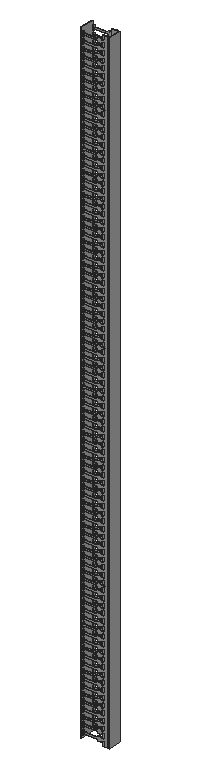
Revit family "ITK by ZPAS_Кабель-органайзер вертикальный_42U-47U", category Обобщенные модели, Revit 2019
Family settings
  Может служить основой для арматурных стержней = Нет
  Размер круглого соединителя = Использовать диаметр
  Тип детали = Нормальный
  На основе рабочей плоскости = Нет
  Всегда вертикально = Да
  При загрузке вырезать с полостями = Нет
  Общий = Нет
  Точка расчета площади = Нет
Parameters (values of type "В2066,9_Черный")
  Ширина = 80 mm
  Степень защиты = ""
  Материал = Окраска - RAL 9005
  Изготовитель = "ITK"  # constant formula
  Дата изменения = ""
  Глубина = 44 mm
  Высота = 2066.9 mm
  Тип монтажа = ""
  URL = "https://www.iek.ru/"
  KSI_CPr_Строительные изделия = "61.1.04.08"  # constant formula
  KSI_CMa_Строительные материалы = "10.03.02.06"  # constant formula
  IEK_Цена за единицу = 16900.26
  IEK_Поиск в таблице имен = ""
  IEK_Описание = "Крепится без инструментов к 19-дюймовым монтажным профилям."
  IEK_URL = "https://www.itk-group.ru/produktsiya/catalog/oborudovanie_telekommunikatsionnoe/kompleksnye_resheniya_dlya_tsod/shkafy_i_aksessuary_dlya_tsod/komplektuyushchie_i_aksessuary_dlya_shkafov_itk_by_zpas/kabelnye_organizatory_itk_by_zpas/itk_by_zpas_kabel_organayzer_vertikalnyy_47u_800_chernyy"
  ADSK_Примечание = ""
  ADSK_Позиция [instance] = ""
  ADSK_Наименование = "ITK by ZPAS Кабель-органайзер вертикальный 47U 800 черный"
  ADSK_Материал обозначение = ""
  ADSK_Материал наименование = "Листовая сталь"  # constant formula
  ADSK_Масса = 7
  ADSK_Марка = "by ZPAS"  # constant formula
  ADSK_Код изделия = "ZP-CC05-47U-V-0800"
  ADSK_Завод-изготовитель = "IEK"  # constant formula
  ADSK_Единица измерения = "шт"  # constant formula
  ADSK_Группирование = "I. ЩИТЫ И ПУЛЬТЫ"  # constant formula
  ADSK_Версия семейства = "1.0"  # constant formula
  ADSK_Версия Revit = "2019"  # constant formula
  ADSK_URL страницы изделия = "https://www.itk-group.ru/produktsiya/catalog/oborudovanie_telekommunikatsionnoe/kompleksnye_resheniya_dlya_tsod/shkafy_i_aksessuary_dlya_tsod/komplektuyushchie_i_aksessuary_dlya_shkafov_itk_by_zpas/kreplenie_itk_by_zpas/"
Reference planes
  plane 1 "По центру (Вперед/Назад)": y = 0
  plane 2: z = 0
  plane 3 "По центру (Влево/Вправо)": x = 0
  plane 4: z = 2066.9
  plane 5: y = -44.063
  plane 6: x = -45.46
  plane 7: x = 45.46
Forms (mm)
  Extrusion 1, solid, material "Окраска - RAL 9005" <- "Материал", detail levels fine
    sketch origin (20, -38.063, 0) x (1, 0, 0) y (0, 1, 0)
      loop
        line (23.43, 34.085) -> (23.43, -2.022) -> (3.43, -2.022) -> (3.43, -3.968) -> (25.46, -3.968) -> (25.46, 36.032) -> (3.43, 36.032) -> (3.43, 34.085) -> (23.43, 34.085)
      loop
        line (-65.46, 34.085) -> (-65.46, -6) -> (-63.43, -6) -> (-63.43, 38.063) -> (-65.46, 38.063) -> (-65.46, 34.085)
    from 0 to 2066.9 <- "Высота"
  Extrusion 2, solid, material "Окраска - RAL 9005" <- "Материал", detail levels fine
    sketch origin (-370, -38.063, 0) x (1, 0, 0) y (0, 0, 1)
      loop
        line (376.463, 2051.9) -> (333.033, 2051.9) -> (333.033, 2056.9) -> (326.57, 2056.9) -> (326.57, 2041.9) -> (333.033, 2041.9) -> (333.033, 2046.9) -> (376.463, 2046.9) -> (380, 2041.9) -> (390, 2041.9) -> (393.537, 2046.9) -> (400, 2046.9) -> (400, 2029.571) -> (393.537, 2029.571) -> (390, 2034.571) -> (380, 2034.571) -> (376.463, 2029.571) -> (333.033, 2029.571) -> (333.033, 2034.571) -> (326.57, 2034.571) -> (326.57, 2019.571) -> (333.033, 2019.571) -> (333.033, 2024.571) -> (376.463, 2024.571) -> (380, 2019.571) -> (390, 2019.571) -> (393.537, 2024.571) -> (400, 2024.571) -> (400, 2007.243) -> (393.537, 2007.243) -> (390, 2012.243) -> (380, 2012.243) -> (376.463, 2007.243) -> (333.033, 2007.243) -> (333.033, 2012.243) -> (326.57, 2012.243) -> (326.57, 1997.243) -> (333.033, 1997.243) -> (333.033, 2002.243) -> (376.463, 2002.243) -> (380, 1997.243) -> (390, 1997.243) -> (393.537, 2002.243) -> (400, 2002.243) -> (400, 1984.914) -> (393.537, 1984.914) -> (390, 1989.914) -> (380, 1989.914) -> (376.463, 1984.914) -> (333.033, 1984.914) -> (333.033, 1989.914) -> (326.57, 1989.914) -> (326.57, 1974.914) -> (333.033, 1974.914) -> (333.033, 1979.914) -> (376.463, 1979.914) -> (380, 1974.914) -> (390, 1974.914) -> (393.537, 1979.914) -> (400, 1979.914) -> (400, 1962.586) -> (393.537, 1962.586) -> (390, 1967.586) -> (380, 1967.586) -> (376.463, 1962.586) -> (333.033, 1962.586) -> (333.033, 1967.586) -> (326.57, 1967.586) -> (326.57, 1952.586) -> (333.033, 1952.586) -> (333.033, 1957.586) -> (376.463, 1957.586) -> (380, 1952.586) -> (390, 1952.586) -> (393.537, 1957.586) -> (400, 1957.586) -> (400, 1940.257) -> (393.537, 1940.257) -> (390, 1945.257) -> (380, 1945.257) -> (376.463, 1940.257) -> (333.033, 1940.257) -> (333.033, 1945.257) -> (326.57, 1945.257) -> (326.57, 1930.257) -> (333.033, 1930.257) -> (333.033, 1935.257) -> (376.463, 1935.257) -> (380, 1930.257) -> (390, 1930.257) -> (393.537, 1935.257) -> (400, 1935.257) -> (400, 1917.929) -> (393.537, 1917.929) -> (390, 1922.929) -> (380, 1922.929) -> (376.463, 1917.929) -> (333.033, 1917.929) -> (333.033, 1922.929) -> (326.57, 1922.929) -> (326.57, 1907.929) -> (333.033, 1907.929) -> (333.033, 1912.929) -> (376.463, 1912.929) -> (380, 1907.929) -> (390, 1907.929) -> (393.537, 1912.929) -> (400, 1912.929) -> (400, 1895.6) -> (393.537, 1895.6) -> (390, 1900.6) -> (380, 1900.6) -> (376.463, 1895.6) -> (333.033, 1895.6) -> (333.033, 1900.6) -> (326.57, 1900.6) -> (326.57, 1885.6) -> (333.033, 1885.6) -> (333.033, 1890.6) -> (376.463, 1890.6) -> (380, 1885.6) -> (390, 1885.6) -> (393.537, 1890.6) -> (400, 1890.6) -> (400, 1873.271) -> (393.537, 1873.271) -> (390, 1878.271) -> (380, 1878.271) -> (376.463, 1873.271) -> (333.033, 1873.271) -> (333.033, 1878.271) -> (326.57, 1878.271) -> (326.57, 1863.271) -> (333.033, 1863.271) -> (333.033, 1868.271) -> (376.463, 1868.271) -> (380, 1863.271) -> (390, 1863.271) -> (393.537, 1868.271) -> (400, 1868.271) -> (400, 1850.943) -> (393.537, 1850.943) -> (390, 1855.943) -> (380, 1855.943) -> (376.463, 1850.943) -> (333.033, 1850.943) -> (333.033, 1855.943) -> (326.57, 1855.943) -> (326.57, 1840.943) -> (333.033, 1840.943) -> (333.033, 1845.943) -> (376.463, 1845.943) -> (380, 1840.943) -> (390, 1840.943) -> (393.537, 1845.943) -> (400, 1845.943) -> (400, 1828.614) -> (393.537, 1828.614) -> (390, 1833.614) -> (380, 1833.614) -> (376.463, 1828.614) -> (333.033, 1828.614) -> (333.033, 1833.614) -> (326.57, 1833.614) -> (326.57, 1818.614) -> (333.033, 1818.614) -> (333.033, 1823.614) -> (376.463, 1823.614) -> (380, 1818.614) -> (390, 1818.614) -> (393.537, 1823.614) -> (400, 1823.614) -> (400, 1806.286) -> (393.537, 1806.286) -> (390, 1811.286) -> (380, 1811.286) -> (376.463, 1806.286) -> (333.033, 1806.286) -> (333.033, 1811.286) -> (326.57, 1811.286) -> (326.57, 1796.286) -> (333.033, 1796.286) -> (333.033, 1801.286) -> (376.463, 1801.286) -> (380, 1796.286) -> (390, 1796.286) -> (393.537, 1801.286) -> (400, 1801.286) -> (400, 1783.957) -> (393.537, 1783.957) -> (390, 1788.957) -> (380, 1788.957) -> (376.463, 1783.957) -> (333.033, 1783.957) -> (333.033, 1788.957) -> (326.57, 1788.957) -> (326.57, 1773.957) -> (333.033, 1773.957) -> (333.033, 1778.957) -> (376.463, 1778.957) -> (380, 1773.957) -> (390, 1773.957) -> (393.537, 1778.957) -> (400, 1778.957) -> (400, 1761.629) -> (393.537, 1761.629) -> (390, 1766.629) -> (380, 1766.629) -> (376.463, 1761.629) -> (333.033, 1761.629) -> (333.033, 1766.629) -> (326.57, 1766.629) -> (326.57, 1751.629) -> (333.033, 1751.629) -> (333.033, 1756.629) -> (376.463, 1756.629) -> (380, 1751.629) -> (390, 1751.629) -> (393.537, 1756.629) -> (400, 1756.629) -> (400, 1739.3) -> (393.537, 1739.3) -> (390, 1744.3) -> (380, 1744.3) -> (376.463, 1739.3) -> (333.033, 1739.3) -> (333.033, 1744.3) -> (326.57, 1744.3) -> (326.57, 1729.3) -> (333.033, 1729.3) -> (333.033, 1734.3) -> (376.463, 1734.3) -> (380, 1729.3) -> (390, 1729.3) -> (393.537, 1734.3) -> (400, 1734.3) -> (400, 1716.971) -> (393.537, 1716.971) -> (390, 1721.971) -> (380, 1721.971) -> (376.463, 1716.971) -> (333.033, 1716.971) -> (333.033, 1721.971) -> (326.57, 1721.971) -> (326.57, 1706.971) -> (333.033, 1706.971) -> (333.033, 1711.971) -> (376.463, 1711.971) -> (380, 1706.971) -> (390, 1706.971) -> (393.537, 1711.971) -> (400, 1711.971) -> (400, 1694.643) -> (393.537, 1694.643) -> (390, 1699.643) -> (380, 1699.643) -> (376.463, 1694.643) -> (333.033, 1694.643) -> (333.033, 1699.643) -> (326.57, 1699.643) -> (326.57, 1684.643) -> (333.033, 1684.643) -> (333.033, 1689.643) -> (376.463, 1689.643) -> (380, 1684.643) -> (390, 1684.643) -> (393.537, 1689.643) -> (400, 1689.643) -> (400, 1672.314) -> (393.537, 1672.314) -> (390, 1677.314) -> (380, 1677.314) -> (376.463, 1672.314) -> (333.033, 1672.314) -> (333.033, 1677.314) -> (326.57, 1677.314) -> (326.57, 1662.314) -> (333.033, 1662.314) -> (333.033, 1667.314) -> (376.463, 1667.314) -> (380, 1662.314) -> (390, 1662.314) -> (393.537, 1667.314) -> (400, 1667.314) -> (400, 1649.986) -> (393.537, 1649.986) -> (390, 1654.986) -> (380, 1654.986) -> (376.463, 1649.986) -> (333.033, 1649.986) -> (333.033, 1654.986) -> (326.57, 1654.986) -> (326.57, 1639.986) -> (333.033, 1639.986) -> (333.033, 1644.986) -> (376.463, 1644.986) -> (380, 1639.986) -> (390, 1639.986) -> (393.537, 1644.986) -> (400, 1644.986) -> (400, 1627.657) -> (393.537, 1627.657) -> (390, 1632.657) -> (380, 1632.657) -> (376.463, 1627.657) -> (333.033, 1627.657) -> (333.033, 1632.657) -> (326.57, 1632.657) -> (326.57, 1617.657) -> (333.033, 1617.657) -> (333.033, 1622.657) -> (376.463, 1622.657) -> (380, 1617.657) -> (390, 1617.657) -> (393.537, 1622.657) -> (400, 1622.657) -> (400, 1605.329) -> (393.537, 1605.329) -> (390, 1610.329) -> (380, 1610.329) -> (376.463, 1605.329) -> (333.033, 1605.329) -> (333.033, 1610.329) -> (326.57, 1610.329) -> (326.57, 1595.329) -> (333.033, 1595.329) -> (333.033, 1600.329) -> (376.463, 1600.329) -> (380, 1595.329) -> (390, 1595.329) -> (393.537, 1600.329) -> (400, 1600.329) -> (400, 1583) -> (393.537, 1583) -> (390, 1588) -> (380, 1588) -> (376.463, 1583) -> (333.033, 1583) -> (333.033, 1588) -> (326.57, 1588) -> (326.57, 1573) -> (333.033, 1573) -> (333.033, 1578) -> (376.463, 1578) -> (380, 1573) -> (390, 1573) -> (393.537, 1578) -> (400, 1578) -> (400, 1560.671) -> (393.537, 1560.671) -> (390, 1565.671) -> (380, 1565.671) -> (376.463, 1560.671) -> (333.033, 1560.671) -> (333.033, 1565.671) -> (326.57, 1565.671) -> (326.57, 1550.671) -> (333.033, 1550.671) -> (333.033, 1555.671) -> (376.463, 1555.671) -> (380, 1550.671) -> (390, 1550.671) -> (393.537, 1555.671) -> (400, 1555.671) -> (400, 1538.343) -> (393.537, 1538.343) -> (390, 1543.343) -> (380, 1543.343) -> (376.463, 1538.343) -> (333.033, 1538.343) -> (333.033, 1543.343) -> (326.57, 1543.343) -> (326.57, 1528.343) -> (333.033, 1528.343) -> (333.033, 1533.343) -> (376.463, 1533.343) -> (380, 1528.343) -> (390, 1528.343) -> (393.537, 1533.343) -> (400, 1533.343) -> (400, 1516.
          014) -> (393.537, 1516.014) -> (390, 1521.014) -> (380, 1521.014) -> (376.463, 1516.014) -> (333.033, 1516.014) -> (333.033, 1521.014) -> (326.57, 1521.014) -> (326.57, 1506.014) -> (333.033, 1506.014) -> (333.033, 1511.014) -> (376.463, 1511.014) -> (380, 1506.014) -> (390, 1506.014) -> (393.537, 1511.014) -> (400, 1511.014) -> (400, 1493.686) -> (393.537, 1493.686) -> (390, 1498.686) -> (380, 1498.686) -> (376.463, 1493.686) -> (333.033, 1493.686) -> (333.033, 1498.686) -> (326.57, 1498.686) -> (326.57, 1483.686) -> (333.033, 1483.686) -> (333.033, 1488.686) -> (376.463, 1488.686) -> (380, 1483.686) -> (390, 1483.686) -> (393.537, 1488.686) -> (400, 1488.686) -> (400, 1471.357) -> (393.537, 1471.357) -> (390, 1476.357) -> (380, 1476.357) -> (376.463, 1471.357) -> (333.033, 1471.357) -> (333.033, 1476.357) -> (326.57, 1476.357) -> (326.57, 1461.357) -> (333.033, 1461.357) -> (333.033, 1466.357) -> (376.463, 1466.357) -> (380, 1461.357) -> (390, 1461.357) -> (393.537, 1466.357) -> (400, 1466.357) -> (400, 1449.029) -> (393.537, 1449.029) -> (390, 1454.029) -> (380, 1454.029) -> (376.463, 1449.029) -> (333.033, 1449.029) -> (333.033, 1454.029) -> (326.57, 1454.029) -> (326.57, 1439.029) -> (333.033, 1439.029) -> (333.033, 1444.029) -> (376.463, 1444.029) -> (380, 1439.029) -> (390, 1439.029) -> (393.537, 1444.029) -> (400, 1444.029) -> (400, 1426.7) -> (393.537, 1426.7) -> (390, 1431.7) -> (380, 1431.7) -> (376.463, 1426.7) -> (333.033, 1426.7) -> (333.033, 1431.7) -> (326.57, 1431.7) -> (326.57, 1416.7) -> (333.033, 1416.7) -> (333.033, 1421.7) -> (376.463, 1421.7) -> (380, 1416.7) -> (390, 1416.7) -> (393.537, 1421.7) -> (400, 1421.7) -> (400, 1404.371) -> (393.537, 1404.371) -> (390, 1409.371) -> (380, 1409.371) -> (376.463, 1404.371) -> (333.033, 1404.371) -> (333.033, 1409.371) -> (326.57, 1409.371) -> (326.57, 1394.371) -> (333.033, 1394.371) -> (333.033, 1399.371) -> (376.463, 1399.371) -> (380, 1394.371) -> (390, 1394.371) -> (393.537, 1399.371) -> (400, 1399.371) -> (400, 1382.043) -> (393.537, 1382.043) -> (390, 1387.043) -> (380, 1387.043) -> (376.463, 1382.043) -> (333.033, 1382.043) -> (333.033, 1387.043) -> (326.57, 1387.043) -> (326.57, 1372.043) -> (333.033, 1372.043) -> (333.033, 1377.043) -> (376.463, 1377.043) -> (380, 1372.043) -> (390, 1372.043) -> (393.537, 1377.043) -> (400, 1377.043) -> (400, 1359.714) -> (393.537, 1359.714) -> (390, 1364.714) -> (380, 1364.714) -> (376.463, 1359.714) -> (333.033, 1359.714) -> (333.033, 1364.714) -> (326.57, 1364.714) -> (326.57, 1349.714) -> (333.033, 1349.714) -> (333.033, 1354.714) -> (376.463, 1354.714) -> (380, 1349.714) -> (390, 1349.714) -> (393.537, 1354.714) -> (400, 1354.714) -> (400, 1337.386) -> (393.537, 1337.386) -> (390, 1342.386) -> (380, 1342.386) -> (376.463, 1337.386) -> (333.033, 1337.386) -> (333.033, 1342.386) -> (326.57, 1342.386) -> (326.57, 1327.386) -> (333.033, 1327.386) -> (333.033, 1332.386) -> (376.463, 1332.386) -> (380, 1327.386) -> (390, 1327.386) -> (393.537, 1332.386) -> (400, 1332.386) -> (400, 1315.057) -> (393.537, 1315.057) -> (390, 1320.057) -> (380, 1320.057) -> (376.463, 1315.057) -> (333.033, 1315.057) -> (333.033, 1320.057) -> (326.57, 1320.057) -> (326.57, 1305.057) -> (333.033, 1305.057) -> (333.033, 1310.057) -> (376.463, 1310.057) -> (380, 1305.057) -> (390, 1305.057) -> (393.537, 1310.057) -> (400, 1310.057) -> (400, 1292.729) -> (393.537, 1292.729) -> (390, 1297.729) -> (380, 1297.729) -> (376.463, 1292.729) -> (333.033, 1292.729) -> (333.033, 1297.729) -> (326.57, 1297.729) -> (326.57, 1282.729) -> (333.033, 1282.729) -> (333.033, 1287.729) -> (376.463, 1287.729) -> (380, 1282.729) -> (390, 1282.729) -> (393.537, 1287.729) -> (400, 1287.729) -> (400, 1270.4) -> (393.537, 1270.4) -> (390, 1275.4) -> (380, 1275.4) -> (376.463, 1270.4) -> (333.033, 1270.4) -> (333.033, 1275.4) -> (326.57, 1275.4) -> (326.57, 1260.4) -> (333.033, 1260.4) -> (333.033, 1265.4) -> (376.463, 1265.4) -> (380, 1260.4) -> (390, 1260.4) -> (393.537, 1265.4) -> (400, 1265.4) -> (400, 1248.071) -> (393.537, 1248.071) -> (390, 1253.071) -> (380, 1253.071) -> (376.463, 1248.071) -> (333.033, 1248.071) -> (333.033, 1253.071) -> (326.57, 1253.071) -> (326.57, 1238.071) -> (333.033, 1238.071) -> (333.033, 1243.071) -> (376.463, 1243.071) -> (380, 1238.071) -> (390, 1238.071) -> (393.537, 1243.071) -> (400, 1243.071) -> (400, 1225.743) -> (393.537, 1225.743) -> (390, 1230.743) -> (380, 1230.743) -> (376.463, 1225.743) -> (333.033, 1225.743) -> (333.033, 1230.743) -> (326.57, 1230.743) -> (326.57, 1215.743) -> (333.033, 1215.743) -> (333.033, 1220.743) -> (376.463, 1220.743) -> (380, 1215.743) -> (390, 1215.743) -> (393.537, 1220.743) -> (400, 1220.743) -> (400, 1203.414) -> (393.537, 1203.414) -> (390, 1208.414) -> (380, 1208.414) -> (376.463, 1203.414) -> (333.033, 1203.414) -> (333.033, 1208.414) -> (326.57, 1208.414) -> (326.57, 1193.414) -> (333.033, 1193.414) -> (333.033, 1198.414) -> (376.463, 1198.414) -> (380, 1193.414) -> (390, 1193.414) -> (393.537, 1198.414) -> (400, 1198.414) -> (400, 1181.086) -> (393.537, 1181.086) -> (390, 1186.086) -> (380, 1186.086) -> (376.463, 1181.086) -> (333.033, 1181.086) -> (333.033, 1186.086) -> (326.57, 1186.086) -> (326.57, 1171.086) -> (333.033, 1171.086) -> (333.033, 1176.086) -> (376.463, 1176.086) -> (380, 1171.086) -> (390, 1171.086) -> (393.537, 1176.086) -> (400, 1176.086) -> (400, 1158.757) -> (393.537, 1158.757) -> (390, 1163.757) -> (380, 1163.757) -> (376.463, 1158.757) -> (333.033, 1158.757) -> (333.033, 1163.757) -> (326.57, 1163.757) -> (326.57, 1148.757) -> (333.033, 1148.757) -> (333.033, 1153.757) -> (376.463, 1153.757) -> (380, 1148.757) -> (390, 1148.757) -> (393.537, 1153.757) -> (400, 1153.757) -> (400, 1136.429) -> (393.537, 1136.429) -> (390, 1141.429) -> (380, 1141.429) -> (376.463, 1136.429) -> (333.033, 1136.429) -> (333.033, 1141.429) -> (326.57, 1141.429) -> (326.57, 1126.429) -> (333.033, 1126.429) -> (333.033, 1131.429) -> (376.463, 1131.429) -> (380, 1126.429) -> (390, 1126.429) -> (393.537, 1131.429) -> (400, 1131.429) -> (400, 1114.1) -> (393.537, 1114.1) -> (390, 1119.1) -> (380, 1119.1) -> (376.463, 1114.1) -> (333.033, 1114.1) -> (333.033, 1119.1) -> (326.57, 1119.1) -> (326.57, 1104.1) -> (333.033, 1104.1) -> (333.033, 1109.1) -> (376.463, 1109.1) -> (380, 1104.1) -> (390, 1104.1) -> (393.537, 1109.1) -> (400, 1109.1) -> (400, 1091.771) -> (393.537, 1091.771) -> (390, 1096.771) -> (380, 1096.771) -> (376.463, 1091.771) -> (333.033, 1091.771) -> (333.033, 1096.771) -> (326.57, 1096.771) -> (326.57, 1081.771) -> (333.033, 1081.771) -> (333.033, 1086.771) -> (376.463, 1086.771) -> (380, 1081.771) -> (390, 1081.771) -> (393.537, 1086.771) -> (400, 1086.771) -> (400, 1069.443) -> (393.537, 1069.443) -> (390, 1074.443) -> (380, 1074.443) -> (376.463, 1069.443) -> (333.033, 1069.443) -> (333.033, 1074.443) -> (326.57, 1074.443) -> (326.57, 1059.443) -> (333.033, 1059.443) -> (333.033, 1064.443) -> (376.463, 1064.443) -> (380, 1059.443) -> (390, 1059.443) -> (393.537, 1064.443) -> (400, 1064.443) -> (400, 1047.114) -> (393.537, 1047.114) -> (390, 1052.114) -> (380, 1052.114) -> (376.463, 1047.114) -> (333.033, 1047.114) -> (333.033, 1052.114) -> (326.57, 1052.114) -> (326.57, 1037.114) -> (333.033, 1037.114) -> (333.033, 1042.114) -> (376.463, 1042.114) -> (380, 1037.114) -> (390, 1037.114) -> (393.537, 1042.114) -> (400, 1042.114) -> (400, 1024.786) -> (393.537, 1024.786) -> (390, 1029.786) -> (380, 1029.786) -> (376.463, 1024.786) -> (333.033, 1024.786) -> (333.033, 1029.786) -> (326.57, 1029.786) -> (326.57, 1014.786) -> (333.033, 1014.786) -> (333.033, 1019.786) -> (376.463, 1019.786) -> (380, 1014.786) -> (390, 1014.786) -> (393.537, 1019.786) -> (400, 1019.786) -> (400, 1002.457) -> (393.537, 1002.457) -> (390, 1007.457) -> (380, 1007.457) -> (376.463, 1002.457) -> (333.033, 1002.457) -> (333.033, 1007.457) -> (326.57, 1007.457) -> (326.57, 992.457) -> (333.033, 992.457) -> (333.033, 997.457) -> (376.
          463, 997.457) -> (380, 992.457) -> (390, 992.457) -> (393.537, 997.457) -> (400, 997.457) -> (400, 980.129) -> (393.537, 980.129) -> (390, 985.129) -> (380, 985.129) -> (376.463, 980.129) -> (333.033, 980.129) -> (333.033, 985.129) -> (326.57, 985.129) -> (326.57, 970.129) -> (333.033, 970.129) -> (333.033, 975.129) -> (376.463, 975.129) -> (380, 970.129) -> (390, 970.129) -> (393.537, 975.129) -> (400, 975.129) -> (400, 957.8) -> (393.537, 957.8) -> (390, 962.8) -> (380, 962.8) -> (376.463, 957.8) -> (333.033, 957.8) -> (333.033, 962.8) -> (326.57, 962.8) -> (326.57, 947.8) -> (333.033, 947.8) -> (333.033, 952.8) -> (376.463, 952.8) -> (380, 947.8) -> (390, 947.8) -> (393.537, 952.8) -> (400, 952.8) -> (400, 935.471) -> (393.537, 935.471) -> (390, 940.471) -> (380, 940.471) -> (376.463, 935.471) -> (333.033, 935.471) -> (333.033, 940.471) -> (326.57, 940.471) -> (326.57, 925.471) -> (333.033, 925.471) -> (333.033, 930.471) -> (376.463, 930.471) -> (380, 925.471) -> (390, 925.471) -> (393.537, 930.471) -> (400, 930.471) -> (400, 913.143) -> (393.537, 913.143) -> (390, 918.143) -> (380, 918.143) -> (376.463, 913.143) -> (333.033, 913.143) -> (333.033, 918.143) -> (326.57, 918.143) -> (326.57, 903.143) -> (333.033, 903.143) -> (333.033, 908.143) -> (376.463, 908.143) -> (380, 903.143) -> (390, 903.143) -> (393.537, 908.143) -> (400, 908.143) -> (400, 890.814) -> (393.537, 890.814) -> (390, 895.814) -> (380, 895.814) -> (376.463, 890.814) -> (333.033, 890.814) -> (333.033, 895.814) -> (326.57, 895.814) -> (326.57, 880.814) -> (333.033, 880.814) -> (333.033, 885.814) -> (376.463, 885.814) -> (380, 880.814) -> (390, 880.814) -> (393.537, 885.814) -> (400, 885.814) -> (400, 868.486) -> (393.537, 868.486) -> (390, 873.486) -> (380, 873.486) -> (376.463, 868.486) -> (333.033, 868.486) -> (333.033, 873.486) -> (326.57, 873.486) -> (326.57, 858.486) -> (333.033, 858.486) -> (333.033, 863.486) -> (376.463, 863.486) -> (380, 858.486) -> (390, 858.486) -> (393.537, 863.486) -> (400, 863.486) -> (400, 846.157) -> (393.537, 846.157) -> (390, 851.157) -> (380, 851.157) -> (376.463, 846.157) -> (333.033, 846.157) -> (333.033, 851.157) -> (326.57, 851.157) -> (326.57, 836.157) -> (333.033, 836.157) -> (333.033, 841.157) -> (376.463, 841.157) -> (380, 836.157) -> (390, 836.157) -> (393.537, 841.157) -> (400, 841.157) -> (400, 823.829) -> (393.537, 823.829) -> (390, 828.829) -> (380, 828.829) -> (376.463, 823.829) -> (333.033, 823.829) -> (333.033, 828.829) -> (326.57, 828.829) -> (326.57, 813.829) -> (333.033, 813.829) -> (333.033, 818.829) -> (376.463, 818.829) -> (380, 813.829) -> (390, 813.829) -> (393.537, 818.829) -> (400, 818.829) -> (400, 801.5) -> (393.537, 801.5) -> (390, 806.5) -> (380, 806.5) -> (376.463, 801.5) -> (333.033, 801.5) -> (333.033, 806.5) -> (326.57, 806.5) -> (326.57, 791.5) -> (333.033, 791.5) -> (333.033, 796.5) -> (376.463, 796.5) -> (380, 791.5) -> (390, 791.5) -> (393.537, 796.5) -> (400, 796.5) -> (400, 779.171) -> (393.537, 779.171) -> (390, 784.171) -> (380, 784.171) -> (376.463, 779.171) -> (333.033, 779.171) -> (333.033, 784.171) -> (326.57, 784.171) -> (326.57, 769.171) -> (333.033, 769.171) -> (333.033, 774.171) -> (376.463, 774.171) -> (380, 769.171) -> (390, 769.171) -> (393.537, 774.171) -> (400, 774.171) -> (400, 756.843) -> (393.537, 756.843) -> (390, 761.843) -> (380, 761.843) -> (376.463, 756.843) -> (333.033, 756.843) -> (333.033, 761.843) -> (326.57, 761.843) -> (326.57, 746.843) -> (333.033, 746.843) -> (333.033, 751.843) -> (376.463, 751.843) -> (380, 746.843) -> (390, 746.843) -> (393.537, 751.843) -> (400, 751.843) -> (400, 734.514) -> (393.537, 734.514) -> (390, 739.514) -> (380, 739.514) -> (376.463, 734.514) -> (333.033, 734.514) -> (333.033, 739.514) -> (326.57, 739.514) -> (326.57, 724.514) -> (333.033, 724.514) -> (333.033, 729.514) -> (376.463, 729.514) -> (380, 724.514) -> (390, 724.514) -> (393.537, 729.514) -> (400, 729.514) -> (400, 712.186) -> (393.537, 712.186) -> (390, 717.186) -> (380, 717.186) -> (376.463, 712.186) -> (333.033, 712.186) -> (333.033, 717.186) -> (326.57, 717.186) -> (326.57, 702.186) -> (333.033, 702.186) -> (333.033, 707.186) -> (376.463, 707.186) -> (380, 702.186) -> (390, 702.186) -> (393.537, 707.186) -> (400, 707.186) -> (400, 689.857) -> (393.537, 689.857) -> (390, 694.857) -> (380, 694.857) -> (376.463, 689.857) -> (333.033, 689.857) -> (333.033, 694.857) -> (326.57, 694.857) -> (326.57, 679.857) -> (333.033, 679.857) -> (333.033, 684.857) -> (376.463, 684.857) -> (380, 679.857) -> (390, 679.857) -> (393.537, 684.857) -> (400, 684.857) -> (400, 667.529) -> (393.537, 667.529) -> (390, 672.529) -> (380, 672.529) -> (376.463, 667.529) -> (333.033, 667.529) -> (333.033, 672.529) -> (326.57, 672.529) -> (326.57, 657.529) -> (333.033, 657.529) -> (333.033, 662.529) -> (376.463, 662.529) -> (380, 657.529) -> (390, 657.529) -> (393.537, 662.529) -> (400, 662.529) -> (400, 645.2) -> (393.537, 645.2) -> (390, 650.2) -> (380, 650.2) -> (376.463, 645.2) -> (333.033, 645.2) -> (333.033, 650.2) -> (326.57, 650.2) -> (326.57, 635.2) -> (333.033, 635.2) -> (333.033, 640.2) -> (376.463, 640.2) -> (380, 635.2) -> (390, 635.2) -> (393.537, 640.2) -> (400, 640.2) -> (400, 622.871) -> (393.537, 622.871) -> (390, 627.871) -> (380, 627.871) -> (376.463, 622.871) -> (333.033, 622.871) -> (333.033, 627.871) -> (326.57, 627.871) -> (326.57, 612.871) -> (333.033, 612.871) -> (333.033, 617.871) -> (376.463, 617.871) -> (380, 612.871) -> (390, 612.871) -> (393.537, 617.871) -> (400, 617.871) -> (400, 600.543) -> (393.537, 600.543) -> (390, 605.543) -> (380, 605.543) -> (376.463, 600.543) -> (333.033, 600.543) -> (333.033, 605.543) -> (326.57, 605.543) -> (326.57, 590.543) -> (333.033, 590.543) -> (333.033, 595.543) -> (376.463, 595.543) -> (380, 590.543) -> (390, 590.543) -> (393.537, 595.543) -> (400, 595.543) -> (400, 578.214) -> (393.537, 578.214) -> (390, 583.214) -> (380, 583.214) -> (376.463, 578.214) -> (333.033, 578.214) -> (333.033, 583.214) -> (326.57, 583.214) -> (326.57, 568.214) -> (333.033, 568.214) -> (333.033, 573.214) -> (376.463, 573.214) -> (380, 568.214) -> (390, 568.214) -> (393.537, 573.214) -> (400, 573.214) -> (400, 555.886) -> (393.537, 555.886) -> (390, 560.886) -> (380, 560.886) -> (376.463, 555.886) -> (333.033, 555.886) -> (333.033, 560.886) -> (326.57, 560.886) -> (326.57, 545.886) -> (333.033, 545.886) -> (333.033, 550.886) -> (376.463, 550.886) -> (380, 545.886) -> (390, 545.886) -> (393.537, 550.886) -> (400, 550.886) -> (400, 533.557) -> (393.537, 533.557) -> (390, 538.557) -> (380, 538.557) -> (376.463, 533.557) -> (333.033, 533.557) -> (333.033, 538.557) -> (326.57, 538.557) -> (326.57, 523.557) -> (333.033, 523.557) -> (333.033, 528.557) -> (376.463, 528.557) -> (380, 523.557) -> (390, 523.557) -> (393.537, 528.557) -> (400, 528.557) -> (400, 511.229) -> (393.537, 511.229) -> (390, 516.229) -> (380, 516.229) -> (376.463, 511.229) -> (333.033, 511.229) -> (333.033, 516.229) -> (326.57, 516.229) -> (326.57, 501.229) -> (333.033, 501.229) -> (333.033, 506.229) -> (376.463, 506.229) -> (380, 501.229) -> (390, 501.229) -> (393.537, 506.229) -> (400, 506.229) -> (400, 488.9) -> (393.537, 488.9) -> (390, 493.9) -> (380, 493.9) -> (376.463, 488.9) -> (333.033, 488.9) -> (333.033, 493.9) -> (326.57, 493.9) -> (326.57, 478.9) -> (333.033, 478.9) -> (333.033, 483.9) -> (376.463, 483.9) -> (380, 478.9) -> (390, 478.9) -> (393.537, 483.9) -> (400, 483.9) -> (400, 466.571) -> (393.537, 466.571) -> (390, 471.571) -> (380, 471.571) -> (376.463, 466.571) -> (333.033, 466.571) -> (333.033, 471.571) -> (326.57, 471.571) -> (326.57, 456.571) -> (333.033, 456.571) -> (333.033, 461.571) -> (376.463, 461.571) -> (380, 456.571) -> (390, 456.571) -> (393.537, 461.571) -> (400, 461.571) -> (400, 444.243) -> (393.537, 444.243) -> (390, 449.243) -> (380, 449.243) -> (376.463, 444.243) -> (333.033, 444.243) -> (333.033, 449.243) -> (326.57, 449.243) -> (326.57, 434.243) -> (333.033, 434.243) -> (333.
          033, 439.243) -> (376.463, 439.243) -> (380, 434.243) -> (390, 434.243) -> (393.537, 439.243) -> (400, 439.243) -> (400, 421.914) -> (393.537, 421.914) -> (390, 426.914) -> (380, 426.914) -> (376.463, 421.914) -> (333.033, 421.914) -> (333.033, 426.914) -> (326.57, 426.914) -> (326.57, 411.914) -> (333.033, 411.914) -> (333.033, 416.914) -> (376.463, 416.914) -> (380, 411.914) -> (390, 411.914) -> (393.537, 416.914) -> (400, 416.914) -> (400, 399.586) -> (393.537, 399.586) -> (390, 404.586) -> (380, 404.586) -> (376.463, 399.586) -> (333.033, 399.586) -> (333.033, 404.586) -> (326.57, 404.586) -> (326.57, 389.586) -> (333.033, 389.586) -> (333.033, 394.586) -> (376.463, 394.586) -> (380, 389.586) -> (390, 389.586) -> (393.537, 394.586) -> (400, 394.586) -> (400, 377.257) -> (393.537, 377.257) -> (390, 382.257) -> (380, 382.257) -> (376.463, 377.257) -> (333.033, 377.257) -> (333.033, 382.257) -> (326.57, 382.257) -> (326.57, 367.257) -> (333.033, 367.257) -> (333.033, 372.257) -> (376.463, 372.257) -> (380, 367.257) -> (390, 367.257) -> (393.537, 372.257) -> (400, 372.257) -> (400, 354.929) -> (393.537, 354.929) -> (390, 359.929) -> (380, 359.929) -> (376.463, 354.929) -> (333.033, 354.929) -> (333.033, 359.929) -> (326.57, 359.929) -> (326.57, 344.929) -> (333.033, 344.929) -> (333.033, 349.929) -> (376.463, 349.929) -> (380, 344.929) -> (390, 344.929) -> (393.537, 349.929) -> (400, 349.929) -> (400, 332.6) -> (393.537, 332.6) -> (390, 337.6) -> (380, 337.6) -> (376.463, 332.6) -> (333.033, 332.6) -> (333.033, 337.6) -> (326.57, 337.6) -> (326.57, 322.6) -> (333.033, 322.6) -> (333.033, 327.6) -> (376.463, 327.6) -> (380, 322.6) -> (390, 322.6) -> (393.537, 327.6) -> (400, 327.6) -> (400, 310.271) -> (393.537, 310.271) -> (390, 315.271) -> (380, 315.271) -> (376.463, 310.271) -> (333.033, 310.271) -> (333.033, 315.271) -> (326.57, 315.271) -> (326.57, 300.271) -> (333.033, 300.271) -> (333.033, 305.271) -> (376.463, 305.271) -> (380, 300.271) -> (390, 300.271) -> (393.537, 305.271) -> (400, 305.271) -> (400, 287.943) -> (393.537, 287.943) -> (390, 292.943) -> (380, 292.943) -> (376.463, 287.943) -> (333.033, 287.943) -> (333.033, 292.943) -> (326.57, 292.943) -> (326.57, 277.943) -> (333.033, 277.943) -> (333.033, 282.943) -> (376.463, 282.943) -> (380, 277.943) -> (390, 277.943) -> (393.537, 282.943) -> (400, 282.943) -> (400, 265.614) -> (393.537, 265.614) -> (390, 270.614) -> (380, 270.614) -> (376.463, 265.614) -> (333.033, 265.614) -> (333.033, 270.614) -> (326.57, 270.614) -> (326.57, 255.614) -> (333.033, 255.614) -> (333.033, 260.614) -> (376.463, 260.614) -> (380, 255.614) -> (390, 255.614) -> (393.537, 260.614) -> (400, 260.614) -> (400, 243.286) -> (393.537, 243.286) -> (390, 248.286) -> (380, 248.286) -> (376.463, 243.286) -> (333.033, 243.286) -> (333.033, 248.286) -> (326.57, 248.286) -> (326.57, 233.286) -> (333.033, 233.286) -> (333.033, 238.286) -> (376.463, 238.286) -> (380, 233.286) -> (390, 233.286) -> (393.537, 238.286) -> (400, 238.286) -> (400, 220.957) -> (393.537, 220.957) -> (390, 225.957) -> (380, 225.957) -> (376.463, 220.957) -> (333.033, 220.957) -> (333.033, 225.957) -> (326.57, 225.957) -> (326.57, 210.957) -> (333.033, 210.957) -> (333.033, 215.957) -> (376.463, 215.957) -> (380, 210.957) -> (390, 210.957) -> (393.537, 215.957) -> (400, 215.957) -> (400, 198.629) -> (393.537, 198.629) -> (390, 203.629) -> (380, 203.629) -> (376.463, 198.629) -> (333.033, 198.629) -> (333.033, 203.629) -> (326.57, 203.629) -> (326.57, 188.629) -> (333.033, 188.629) -> (333.033, 193.629) -> (376.463, 193.629) -> (380, 188.629) -> (390, 188.629) -> (393.537, 193.629) -> (400, 193.629) -> (400, 176.3) -> (393.537, 176.3) -> (390, 181.3) -> (380, 181.3) -> (376.463, 176.3) -> (333.033, 176.3) -> (333.033, 181.3) -> (326.57, 181.3) -> (326.57, 166.3) -> (333.033, 166.3) -> (333.033, 171.3) -> (376.463, 171.3) -> (380, 166.3) -> (390, 166.3) -> (393.537, 171.3) -> (400, 171.3) -> (400, 153.971) -> (393.537, 153.971) -> (390, 158.971) -> (380, 158.971) -> (376.463, 153.971) -> (333.033, 153.971) -> (333.033, 158.971) -> (326.57, 158.971) -> (326.57, 143.971) -> (333.033, 143.971) -> (333.033, 148.971) -> (376.463, 148.971) -> (380, 143.971) -> (390, 143.971) -> (393.537, 148.971) -> (400, 148.971) -> (400, 131.643) -> (393.537, 131.643) -> (390, 136.643) -> (380, 136.643) -> (376.463, 131.643) -> (333.033, 131.643) -> (333.033, 136.643) -> (326.57, 136.643) -> (326.57, 121.643) -> (333.033, 121.643) -> (333.033, 126.643) -> (376.463, 126.643) -> (380, 121.643) -> (390, 121.643) -> (393.537, 126.643) -> (400, 126.643) -> (400, 109.314) -> (393.537, 109.314) -> (390, 114.314) -> (380, 114.314) -> (376.463, 109.314) -> (333.033, 109.314) -> (333.033, 114.314) -> (326.57, 114.314) -> (326.57, 99.314) -> (333.033, 99.314) -> (333.033, 104.314) -> (376.463, 104.314) -> (380, 99.314) -> (390, 99.314) -> (393.537, 104.314) -> (400, 104.314) -> (400, 86.986) -> (393.537, 86.986) -> (390, 91.986) -> (380, 91.986) -> (376.463, 86.986) -> (333.033, 86.986) -> (333.033, 91.986) -> (326.57, 91.986) -> (326.57, 76.986) -> (333.033, 76.986) -> (333.033, 81.986) -> (376.463, 81.986) -> (380, 76.986) -> (390, 76.986) -> (393.537, 81.986) -> (400, 81.986) -> (400, 64.657) -> (393.537, 64.657) -> (390, 69.657) -> (380, 69.657) -> (376.463, 64.657) -> (333.033, 64.657) -> (333.033, 69.657) -> (326.57, 69.657) -> (326.57, 54.657) -> (333.033, 54.657) -> (333.033, 59.657) -> (376.463, 59.657) -> (380, 54.657) -> (390, 54.657) -> (393.537, 59.657) -> (400, 59.657) -> (400, 42.329) -> (393.537, 42.329) -> (390, 47.329) -> (380, 47.329) -> (376.463, 42.329) -> (333.033, 42.329) -> (333.033, 47.329) -> (326.57, 47.329) -> (326.57, 32.329) -> (333.033, 32.329) -> (333.033, 37.329) -> (376.463, 37.329) -> (380, 32.329) -> (390, 32.329) -> (393.537, 37.329) -> (400, 37.329) -> (400, 20) -> (393.537, 20) -> (390, 25) -> (380, 25) -> (376.463, 20) -> (333.033, 20) -> (333.033, 25) -> (326.57, 25) -> (326.57, 10) -> (333.033, 10) -> (333.033, 15) -> (376.463, 15) -> (380, 10) -> (390, 10) -> (393.537, 15) -> (400, 15) -> (400, 0) -> (410, 0) -> (410, 2066.9) -> (400, 2066.9) -> (400, 2051.9) -> (393.537, 2051.9) -> (390, 2056.9) -> (380, 2056.9) -> (376.463, 2051.9)
    from 3.968 to 6
  Extrusion 3, solid, material "Окраска - RAL 9005" <- "Материал", detail levels fine
    sketch origin (-370, -6, 0) x (1, 0, 0) y (0, 0, -1)
      loop
        line (376.463, -2051.9) -> (380, -2056.9) -> (390, -2056.9) -> (393.537, -2051.9) -> (400, -2051.9) -> (400, -2066.9) -> (410, -2066.9) -> (410, 0) -> (400, 0) -> (400, -15) -> (393.537, -15) -> (390, -10) -> (380, -10) -> (376.463, -15) -> (333.033, -15) -> (333.033, -10) -> (326.57, -10) -> (326.57, -25) -> (333.033, -25) -> (333.033, -20) -> (376.463, -20) -> (380, -25) -> (390, -25) -> (393.537, -20) -> (400, -20) -> (400, -37.329) -> (393.537, -37.329) -> (390, -32.329) -> (380, -32.329) -> (376.463, -37.329) -> (333.033, -37.329) -> (333.033, -32.329) -> (326.57, -32.329) -> (326.57, -47.329) -> (333.033, -47.329) -> (333.033, -42.329) -> (376.463, -42.329) -> (380, -47.329) -> (390, -47.329) -> (393.537, -42.329) -> (400, -42.329) -> (400, -59.657) -> (393.537, -59.657) -> (390, -54.657) -> (380, -54.657) -> (376.463, -59.657) -> (333.033, -59.657) -> (333.033, -54.657) -> (326.57, -54.657) -> (326.57, -69.657) -> (333.033, -69.657) -> (333.033, -64.657) -> (376.463, -64.657) -> (380, -69.657) -> (390, -69.657) -> (393.537, -64.657) -> (400, -64.657) -> (400, -81.986) -> (393.537, -81.986) -> (390, -76.986) -> (380, -76.986) -> (376.463, -81.986) -> (333.033, -81.986) -> (333.033, -76.986) -> (326.57, -76.986) -> (326.57, -91.986) -> (333.033, -91.986) -> (333.033, -86.986) -> (376.463, -86.986) -> (380, -91.986) -> (390, -91.986) -> (393.537, -86.986) -> (400, -86.986) -> (400, -104.314) -> (393.537, -104.314) -> (390, -99.314) -> (380, -99.314) -> (376.463, -104.314) -> (333.033, -104.314) -> (333.033, -99.314) -> (326.57, -99.314) -> (326.57, -114.314) -> (333.033, -114.314) -> (333.033, -109.314) -> (376.463, -109.314) -> (380, -114.314) -> (390, -114.314) -> (393.537, -109.314) -> (400, -109.314) -> (400, -126.643) -> (393.537, -126.643) -> (390, -121.643) -> (380, -121.643) -> (376.463, -126.643) -> (333.033, -126.643) -> (333.033, -121.643) -> (326.57, -121.643) -> (326.57, -136.643) -> (333.033, -136.643) -> (333.033, -131.643) -> (376.463, -131.643) -> (380, -136.643) -> (390, -136.643) -> (393.537, -131.643) -> (400, -131.643) -> (400, -148.971) -> (393.537, -148.971) -> (390, -143.971) -> (380, -143.971) -> (376.463, -148.971) -> (333.033, -148.971) -> (333.033, -143.971) -> (326.57, -143.971) -> (326.57, -158.971) -> (333.033, -158.971) -> (333.033, -153.971) -> (376.463, -153.971) -> (380, -158.971) -> (390, -158.971) -> (393.537, -153.971) -> (400, -153.971) -> (400, -171.3) -> (393.537, -171.3) -> (390, -166.3) -> (380, -166.3) -> (376.463, -171.3) -> (333.033, -171.3) -> (333.033, -166.3) -> (326.57, -166.3) -> (326.57, -181.3) -> (333.033, -181.3) -> (333.033, -176.3) -> (376.463, -176.3) -> (380, -181.3) -> (390, -181.3) -> (393.537, -176.3) -> (400, -176.3) -> (400, -193.629) -> (393.537, -193.629) -> (390, -188.629) -> (380, -188.629) -> (376.463, -193.629) -> (333.033, -193.629) -> (333.033, -188.629) -> (326.57, -188.629) -> (326.57, -203.629) -> (333.033, -203.629) -> (333.033, -198.629) -> (376.463, -198.629) -> (380, -203.629) -> (390, -203.629) -> (393.537, -198.629) -> (400, -198.629) -> (400, -215.957) -> (393.537, -215.957) -> (390, -210.957) -> (380, -210.957) -> (376.463, -215.957) -> (333.033, -215.957) -> (333.033, -210.957) -> (326.57, -210.957) -> (326.57, -225.957) -> (333.033, -225.957) -> (333.033, -220.957) -> (376.463, -220.957) -> (380, -225.957) -> (390, -225.957) -> (393.537, -220.957) -> (400, -220.957) -> (400, -238.286) -> (393.537, -238.286) -> (390, -233.286) -> (380, -233.286) -> (376.463, -238.286) -> (333.033, -238.286) -> (333.033, -233.286) -> (326.57, -233.286) -> (326.57, -248.286) -> (333.033, -248.286) -> (333.033, -243.286) -> (376.463, -243.286) -> (380, -248.286) -> (390, -248.286) -> (393.537, -243.286) -> (400, -243.286) -> (400, -260.614) -> (393.537, -260.614) -> (390, -255.614) -> (380, -255.614) -> (376.463, -260.614) -> (333.033, -260.614) -> (333.033, -255.614) -> (326.57, -255.614) -> (326.57, -270.614) -> (333.033, -270.614) -> (333.033, -265.614) -> (376.463, -265.614) -> (380, -270.614) -> (390, -270.614) -> (393.537, -265.614) -> (400, -265.614) -> (400, -282.943) -> (393.537, -282.943) -> (390, -277.943) -> (380, -277.943) -> (376.463, -282.943) -> (333.033, -282.943) -> (333.033, -277.943) -> (326.57, -277.943) -> (326.57, -292.943) -> (333.033, -292.943) -> (333.033, -287.943) -> (376.463, -287.943) -> (380, -292.943) -> (390, -292.943) -> (393.537, -287.943) -> (400, -287.943) -> (400, -305.271) -> (393.537, -305.271) -> (390, -300.271) -> (380, -300.271) -> (376.463, -305.271) -> (333.033, -305.271) -> (333.033, -300.271) -> (326.57, -300.271) -> (326.57, -315.271) -> (333.033, -315.271) -> (333.033, -310.271) -> (376.463, -310.271) -> (380, -315.271) -> (390, -315.271) -> (393.537, -310.271) -> (400, -310.271) -> (400, -327.6) -> (393.537, -327.6) -> (390, -322.6) -> (380, -322.6) -> (376.463, -327.6) -> (333.033, -327.6) -> (333.033, -322.6) -> (326.57, -322.6) -> (326.57, -337.6) -> (333.033, -337.6) -> (333.033, -332.6) -> (376.463, -332.6) -> (380, -337.6) -> (390, -337.6) -> (393.537, -332.6) -> (400, -332.6) -> (400, -349.929) -> (393.537, -349.929) -> (390, -344.929) -> (380, -344.929) -> (376.463, -349.929) -> (333.033, -349.929) -> (333.033, -344.929) -> (326.57, -344.929) -> (326.57, -359.929) -> (333.033, -359.929) -> (333.033, -354.929) -> (376.463, -354.929) -> (380, -359.929) -> (390, -359.929) -> (393.537, -354.929) -> (400, -354.929) -> (400, -372.257) -> (393.537, -372.257) -> (390, -367.257) -> (380, -367.257) -> (376.463, -372.257) -> (333.033, -372.257) -> (333.033, -367.257) -> (326.57, -367.257) -> (326.57, -382.257) -> (333.033, -382.257) -> (333.033, -377.257) -> (376.463, -377.257) -> (380, -382.257) -> (390, -382.257) -> (393.537, -377.257) -> (400, -377.257) -> (400, -394.586) -> (393.537, -394.586) -> (390, -389.586) -> (380, -389.586) -> (376.463, -394.586) -> (333.033, -394.586) -> (333.033, -389.586) -> (326.57, -389.586) -> (326.57, -404.586) -> (333.033, -404.586) -> (333.033, -399.586) -> (376.463, -399.586) -> (380, -404.586) -> (390, -404.586) -> (393.537, -399.586) -> (400, -399.586) -> (400, -416.914) -> (393.537, -416.914) -> (390, -411.914) -> (380, -411.914) -> (376.463, -416.914) -> (333.033, -416.914) -> (333.033, -411.914) -> (326.57, -411.914) -> (326.57, -426.914) -> (333.033, -426.914) -> (333.033, -421.914) -> (376.463, -421.914) -> (380, -426.914) -> (390, -426.914) -> (393.537, -421.914) -> (400, -421.914) -> (400, -439.243) -> (393.537, -439.243) -> (390, -434.243) -> (380, -434.243) -> (376.463, -439.243) -> (333.033, -439.243) -> (333.033, -434.243) -> (326.57, -434.243) -> (326.57, -449.243) -> (333.033, -449.243) -> (333.033, -444.243) -> (376.463, -444.243) -> (380, -449.243) -> (390, -449.243) -> (393.537, -444.243) -> (400, -444.243) -> (400, -461.571) -> (393.537, -461.571) -> (390, -456.571) -> (380, -456.571) -> (376.463, -461.571) -> (333.033, -461.571) -> (333.033, -456.571) -> (326.57, -456.571) -> (326.57, -471.571) -> (333.033, -471.571) -> (333.033, -466.571) -> (376.463, -466.571) -> (380, -471.571) -> (390, -471.571) -> (393.537, -466.571) -> (400, -466.571) -> (400, -483.9) -> (393.537, -483.9) -> (390, -478.9) -> (380, -478.9) -> (376.463, -483.9) -> (333.033, -483.9) -> (333.033, -478.9) -> (326.57, -478.9) -> (326.57, -493.9) -> (333.033, -493.9) -> (333.033, -488.9) -> (376.463, -488.9) -> (380, -493.9) -> (390, -493.9) -> (393.537, -488.9) -> (400, -488.9) -> (400, -506.229) -> (393.537, -506.229) -> (390, -501.229) -> (380, -501.229) -> (376.463, -506.229) -> (333.033, -506.229) -> (333.033, -501.229) -> (326.57, -501.229) -> (326.57, -516.229) -> (333.033, -516.229) -> (333.033, -511.229) -> (376.463, -511.229) -> (380, -516.229) -> (390, -516.229) -> (393.537, -511.229) -> (400, -511.229) -> (400, -528.557) -> (393.537, -528.557) -> (390, -523.557) -> (380, -523.557) -> (376.463, -528.557) -> (333.033, -528.557) -> (333.033, -523.557) -> (326.57, -523.557) -> (326.57, -538.557) -
          > (333.033, -538.557) -> (333.033, -533.557) -> (376.463, -533.557) -> (380, -538.557) -> (390, -538.557) -> (393.537, -533.557) -> (400, -533.557) -> (400, -550.886) -> (393.537, -550.886) -> (390, -545.886) -> (380, -545.886) -> (376.463, -550.886) -> (333.033, -550.886) -> (333.033, -545.886) -> (326.57, -545.886) -> (326.57, -560.886) -> (333.033, -560.886) -> (333.033, -555.886) -> (376.463, -555.886) -> (380, -560.886) -> (390, -560.886) -> (393.537, -555.886) -> (400, -555.886) -> (400, -573.214) -> (393.537, -573.214) -> (390, -568.214) -> (380, -568.214) -> (376.463, -573.214) -> (333.033, -573.214) -> (333.033, -568.214) -> (326.57, -568.214) -> (326.57, -583.214) -> (333.033, -583.214) -> (333.033, -578.214) -> (376.463, -578.214) -> (380, -583.214) -> (390, -583.214) -> (393.537, -578.214) -> (400, -578.214) -> (400, -595.543) -> (393.537, -595.543) -> (390, -590.543) -> (380, -590.543) -> (376.463, -595.543) -> (333.033, -595.543) -> (333.033, -590.543) -> (326.57, -590.543) -> (326.57, -605.543) -> (333.033, -605.543) -> (333.033, -600.543) -> (376.463, -600.543) -> (380, -605.543) -> (390, -605.543) -> (393.537, -600.543) -> (400, -600.543) -> (400, -617.871) -> (393.537, -617.871) -> (390, -612.871) -> (380, -612.871) -> (376.463, -617.871) -> (333.033, -617.871) -> (333.033, -612.871) -> (326.57, -612.871) -> (326.57, -627.871) -> (333.033, -627.871) -> (333.033, -622.871) -> (376.463, -622.871) -> (380, -627.871) -> (390, -627.871) -> (393.537, -622.871) -> (400, -622.871) -> (400, -640.2) -> (393.537, -640.2) -> (390, -635.2) -> (380, -635.2) -> (376.463, -640.2) -> (333.033, -640.2) -> (333.033, -635.2) -> (326.57, -635.2) -> (326.57, -650.2) -> (333.033, -650.2) -> (333.033, -645.2) -> (376.463, -645.2) -> (380, -650.2) -> (390, -650.2) -> (393.537, -645.2) -> (400, -645.2) -> (400, -662.529) -> (393.537, -662.529) -> (390, -657.529) -> (380, -657.529) -> (376.463, -662.529) -> (333.033, -662.529) -> (333.033, -657.529) -> (326.57, -657.529) -> (326.57, -672.529) -> (333.033, -672.529) -> (333.033, -667.529) -> (376.463, -667.529) -> (380, -672.529) -> (390, -672.529) -> (393.537, -667.529) -> (400, -667.529) -> (400, -684.857) -> (393.537, -684.857) -> (390, -679.857) -> (380, -679.857) -> (376.463, -684.857) -> (333.033, -684.857) -> (333.033, -679.857) -> (326.57, -679.857) -> (326.57, -694.857) -> (333.033, -694.857) -> (333.033, -689.857) -> (376.463, -689.857) -> (380, -694.857) -> (390, -694.857) -> (393.537, -689.857) -> (400, -689.857) -> (400, -707.186) -> (393.537, -707.186) -> (390, -702.186) -> (380, -702.186) -> (376.463, -707.186) -> (333.033, -707.186) -> (333.033, -702.186) -> (326.57, -702.186) -> (326.57, -717.186) -> (333.033, -717.186) -> (333.033, -712.186) -> (376.463, -712.186) -> (380, -717.186) -> (390, -717.186) -> (393.537, -712.186) -> (400, -712.186) -> (400, -729.514) -> (393.537, -729.514) -> (390, -724.514) -> (380, -724.514) -> (376.463, -729.514) -> (333.033, -729.514) -> (333.033, -724.514) -> (326.57, -724.514) -> (326.57, -739.514) -> (333.033, -739.514) -> (333.033, -734.514) -> (376.463, -734.514) -> (380, -739.514) -> (390, -739.514) -> (393.537, -734.514) -> (400, -734.514) -> (400, -751.843) -> (393.537, -751.843) -> (390, -746.843) -> (380, -746.843) -> (376.463, -751.843) -> (333.033, -751.843) -> (333.033, -746.843) -> (326.57, -746.843) -> (326.57, -761.843) -> (333.033, -761.843) -> (333.033, -756.843) -> (376.463, -756.843) -> (380, -761.843) -> (390, -761.843) -> (393.537, -756.843) -> (400, -756.843) -> (400, -774.171) -> (393.537, -774.171) -> (390, -769.171) -> (380, -769.171) -> (376.463, -774.171) -> (333.033, -774.171) -> (333.033, -769.171) -> (326.57, -769.171) -> (326.57, -784.171) -> (333.033, -784.171) -> (333.033, -779.171) -> (376.463, -779.171) -> (380, -784.171) -> (390, -784.171) -> (393.537, -779.171) -> (400, -779.171) -> (400, -796.5) -> (393.537, -796.5) -> (390, -791.5) -> (380, -791.5) -> (376.463, -796.5) -> (333.033, -796.5) -> (333.033, -791.5) -> (326.57, -791.5) -> (326.57, -806.5) -> (333.033, -806.5) -> (333.033, -801.5) -> (376.463, -801.5) -> (380, -806.5) -> (390, -806.5) -> (393.537, -801.5) -> (400, -801.5) -> (400, -818.829) -> (393.537, -818.829) -> (390, -813.829) -> (380, -813.829) -> (376.463, -818.829) -> (333.033, -818.829) -> (333.033, -813.829) -> (326.57, -813.829) -> (326.57, -828.829) -> (333.033, -828.829) -> (333.033, -823.829) -> (376.463, -823.829) -> (380, -828.829) -> (390, -828.829) -> (393.537, -823.829) -> (400, -823.829) -> (400, -841.157) -> (393.537, -841.157) -> (390, -836.157) -> (380, -836.157) -> (376.463, -841.157) -> (333.033, -841.157) -> (333.033, -836.157) -> (326.57, -836.157) -> (326.57, -851.157) -> (333.033, -851.157) -> (333.033, -846.157) -> (376.463, -846.157) -> (380, -851.157) -> (390, -851.157) -> (393.537, -846.157) -> (400, -846.157) -> (400, -863.486) -> (393.537, -863.486) -> (390, -858.486) -> (380, -858.486) -> (376.463, -863.486) -> (333.033, -863.486) -> (333.033, -858.486) -> (326.57, -858.486) -> (326.57, -873.486) -> (333.033, -873.486) -> (333.033, -868.486) -> (376.463, -868.486) -> (380, -873.486) -> (390, -873.486) -> (393.537, -868.486) -> (400, -868.486) -> (400, -885.814) -> (393.537, -885.814) -> (390, -880.814) -> (380, -880.814) -> (376.463, -885.814) -> (333.033, -885.814) -> (333.033, -880.814) -> (326.57, -880.814) -> (326.57, -895.814) -> (333.033, -895.814) -> (333.033, -890.814) -> (376.463, -890.814) -> (380, -895.814) -> (390, -895.814) -> (393.537, -890.814) -> (400, -890.814) -> (400, -908.143) -> (393.537, -908.143) -> (390, -903.143) -> (380, -903.143) -> (376.463, -908.143) -> (333.033, -908.143) -> (333.033, -903.143) -> (326.57, -903.143) -> (326.57, -918.143) -> (333.033, -918.143) -> (333.033, -913.143) -> (376.463, -913.143) -> (380, -918.143) -> (390, -918.143) -> (393.537, -913.143) -> (400, -913.143) -> (400, -930.471) -> (393.537, -930.471) -> (390, -925.471) -> (380, -925.471) -> (376.463, -930.471) -> (333.033, -930.471) -> (333.033, -925.471) -> (326.57, -925.471) -> (326.57, -940.471) -> (333.033, -940.471) -> (333.033, -935.471) -> (376.463, -935.471) -> (380, -940.471) -> (390, -940.471) -> (393.537, -935.471) -> (400, -935.471) -> (400, -952.8) -> (393.537, -952.8) -> (390, -947.8) -> (380, -947.8) -> (376.463, -952.8) -> (333.033, -952.8) -> (333.033, -947.8) -> (326.57, -947.8) -> (326.57, -962.8) -> (333.033, -962.8) -> (333.033, -957.8) -> (376.463, -957.8) -> (380, -962.8) -> (390, -962.8) -> (393.537, -957.8) -> (400, -957.8) -> (400, -975.129) -> (393.537, -975.129) -> (390, -970.129) -> (380, -970.129) -> (376.463, -975.129) -> (333.033, -975.129) -> (333.033, -970.129) -> (326.57, -970.129) -> (326.57, -985.129) -> (333.033, -985.129) -> (333.033, -980.129) -> (376.463, -980.129) -> (380, -985.129) -> (390, -985.129) -> (393.537, -980.129) -> (400, -980.129) -> (400, -997.457) -> (393.537, -997.457) -> (390, -992.457) -> (380, -992.457) -> (376.463, -997.457) -> (333.033, -997.457) -> (333.033, -992.457) -> (326.57, -992.457) -> (326.57, -1007.457) -> (333.033, -1007.457) -> (333.033, -1002.457) -> (376.463, -1002.457) -> (380, -1007.457) -> (390, -1007.457) -> (393.537, -1002.457) -> (400, -1002.457) -> (400, -1019.786) -> (393.537, -1019.786) -> (390, -1014.786) -> (380, -1014.786) -> (376.463, -1019.786) -> (333.033, -1019.786) -> (333.033, -1014.786) -> (326.57, -1014.786) -> (326.57, -1029.786) -> (333.033, -1029.786) -> (333.033, -1024.786) -> (376.463, -1024.786) -> (380, -1029.786) -> (390, -1029.786) -> (393.537, -1024.786) -> (400, -1024.786) -> (400, -1042.114) -> (393.537, -1042.114) -> (390, -1037.114) -> (380, -1037.114) -> (376.463, -1042.114) -> (333.033, -1042.114) -> (333.033, -1037.114) -> (326.57, -1037.114) -> (326.57, -1052.114) -> (333.033, -1052.114) -> (333.033, -1047.114) -> (376.463, -1047.114) -> (380, -1052.114) -> (390, -1052.114) -> (393.537, -1047.114) -> (400, -1047.114) -> (400, -1064.443) -> (393.537, -1064.443
